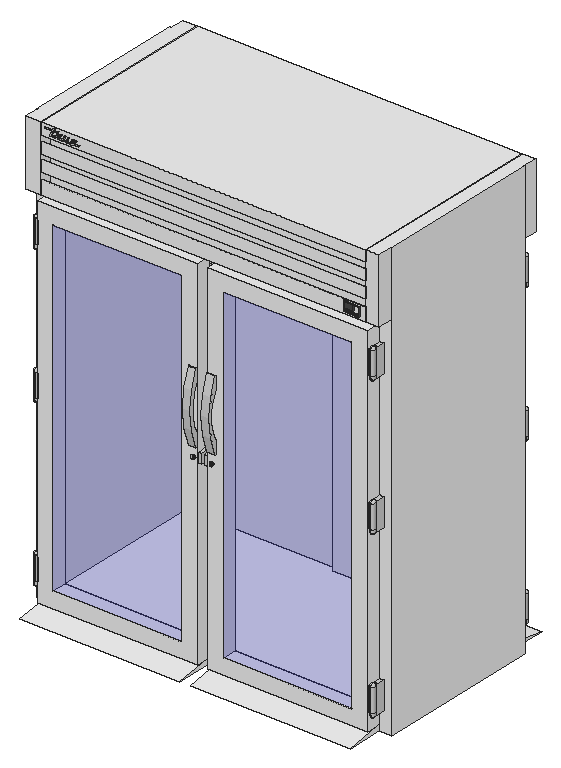
Revit family
Parameters
  Weight in Pounds = 0
  Watts = Volts * FL Amps  # 1092.5 W
  Volts = 115 V
  URL Cutsheet = "www.truemfg.com"
  URL = "www.truemfg.com"
  Type Mark [instance] = ""
  Type Comments = ""
  Status [instance] = ""
  Specification by User [instance] = ""
  Specification by Manufacturer = ""
  Show Logo [instance] = yes
  Show Clearance [instance] = yes
  Serial Number = ""
  Seismic Rating = ""
  SMACNA No = ""
  Revision Code [instance] = ""
  Phase = 1
  Omniclass Number and Title = ""
  Number of Poles [instance] = 1
  NAFEM Spec ID Number = ""
  Model = "STG2RRT-2G-2S"
  Min Ckt Ampacity = 0 A
  Max Overcurrent Protection = 0 A
  Masterspec = ""
  Manufacturer = "TRUE FOOD SERVICE EQUIPMENT, INC."
  Length = 68"
  Item Number [instance] = ""
  Installed By [instance] = ""
  Identify Quantity as Lot [instance] = yes
  Height = 83 3/4"
  HP = "1/2"
  Furnished By [instance] = ""
  Foodservice Equipment Identifier [instance] = yes
  FL Amps = 9.5 A
  Electrical Remarks [instance] = ""
  Electric Connection Type [instance] = ""
  Elec Conn RI Height [instance] = 0"
  Elec Conn Connection Height [instance] = 0"
  Description = "Roll-thru Glass Front/Solid Rear Swing Door Refrigerator"
  Depth = 37 1/2"
  Cycle = 60 Hz
  Conn Plug = "5-15P"
  Conn Conduit = yes
  CSI MasterFormat = ""
  CSI Master Format = ""
  Apparent Power = if(Phase = 3, Volts * FL Amps * 1.73, Volts * FL Amps)  # 1092.5 VA
Reference planes (in)
  plane 1 "BACK": y = 0
  plane 2: z = 0
  plane 3 "LEFT": x = 0
  plane 4 "RIGHT": x = 68
  plane 5 "FRONT": y = -37.5
  plane 6 "TOP": z = 83.75
  plane 7: x = 2.84375
  plane 8: y = -37.4542
  plane 9: x = 34
  plane 10: y = -0.0458
  plane 11: z = 69.90625
Forms (in)
  Extrusion 1, solid, material "QF_Finishes_Chrome - Satin"
    sketch origin (0.05, 0, 0) x (1, 0, 0) y (0, 1, 0)
      loop
        line (-0.05, -2.75) -> (-0.05, -34.75) -> (2.87859, -34.75) -> (2.87859, -2.75) -> (-0.05, -2.75)
    from 0 to 83.75
  Extrusion 2, solid, material "QF_Finishes_Chrome - Satin"
    sketch origin (50.15, 0, 0) x (1, 0, 0) y (0, 1, 0)
      loop
        line (15.15, -2.75) -> (15.15, -34.75) -> (17.85, -34.75) -> (17.85, -2.75) -> (15.15, -2.75)
    from 0 to 83.75
  Extrusion 3, solid, material "QF_Finishes_Chrome - Satin"
    sketch origin (0, 0, 0) x (0, 1, 0) y (0, 0, 1)
      loop
        line (-37.4542, 71.28125) -> (-34.75, 71.28125) -> (-34.75, 68.90625) -> (-2.75, 68.90625) -> (-2.75, 71.28125) -> (-0.0458, 71.28125) -> (-0.0458, 73.94226) -> (-2.25, 72.375) -> (-2.25, 73.65057) -> (-0.0458, 75.21784) -> (-0.0458, 77.31404) -> (-2.25, 75.74678) -> (-2.25, 76.70754) -> (-0.0458, 78.2748) -> (-0.0458, 80.40851) -> (-2.25, 78.84125) -> (-2.25, 79.96352) -> (-0.0458, 81.53078) -> (-0.0458, 83.75) -> (-37.4542, 83.75) -> (-37.4542, 81.53078) -> (-35.25, 79.96352) -> (-35.25, 78.84125) -> (-37.4542, 80.40851) -> (-37.4542, 78.2748) -> (-35.25, 76.70754) -> (-35.25, 75.74678) -> (-37.4542, 77.31404) -> (-37.4542, 75.21784) -> (-35.25, 73.65057) -> (-35.25, 72.375) -> (-37.4542, 73.94226) -> (-37.4542, 71.28125)
      loop
        line (-34.75, 0) -> (-2.75, 0) -> (-2.75, 2) -> (-34.75, 2) -> (-34.75, 0)
    from 2.92859 to 65.3
  Extrusion 4, solid, material "QF_Finishes_Chrome - Satin"
    sketch origin (0, 0, 0) x (1, 0, 0) y (0, 1, 0)
      loop
        line (67.84782, -34.75) -> (65.3, -34.75) -> (65.3, -37.5) -> (67.84782, -37.5) -> (67.84782, -34.75)
      loop
        line (67.84782, -2.75) -> (67.84782, 0) -> (65.3, 0) -> (65.3, -2.75) -> (67.84782, -2.75)
    from 71.28125 to 83.75
  Extrusion 5, solid, material "QF_Finishes_Chrome - Satin"
    sketch origin (-50.125, 0, 0.25) x (1, 0, 0) y (0, 1, 0)
      loop
        line (53.05359, -34.75) -> (50.24109, -34.75) -> (50.24109, -37.5) -> (53.05359, -37.5) -> (53.05359, -34.75)
      loop
        line (53.05359, -2.75) -> (53.05359, 0) -> (50.24109, 0) -> (50.24109, -2.75) -> (53.05359, -2.75)
    from 71.03125 to 83.5
  Extrusion 6, solid, material "QF_Finishes_Handrails and Railings"
    sketch origin (9.34375, -3.83467, -3.5) x (1, 0, 0) y (0, 0, 1)
      loop
        circle (26.4375, 40.0625) r 0.35
      loop
        line (26.47265, 40.33635) -> (26.41715, 40.33635) -> (26.41715, 39.76895) -> (26.47265, 39.76895) -> (26.47265, 40.33635)
    from 33.5 to 33.83066
  Extrusion 7, solid, material "QF_Finishes_Handrails and Railings", visible <- "Show Logo"
    sketch origin (0.33478, -2.68623, 5.13015) x (1, 0, 0) y (0, 0, 1)
      loop
        line (3.46044, 78.08731) -> (3.35478, 77.86073) -> (4.76027, 77.86073)
        arc (4.76027, 77.86073) -> (4.78879, 77.81028) -> (4.76027, 77.75984) r 0.05887
        line (4.76027, 77.75984) -> (4.39369, 76.97372)
        arc (4.39369, 76.97372) -> (4.39051, 76.90091) -> (4.43975, 76.84717) r 0.09523
        line (4.43975, 76.84717) -> (5.33844, 76.84717)
        arc (5.33844, 76.84717) -> (5.45192, 76.88295) -> (5.52436, 76.97735) r 0.19785
        line (5.52436, 76.97735) -> (5.81285, 77.59601) -> (6.0779, 77.59601)
        arc (6.0779, 77.59601) -> (6.14744, 77.57043) -> (6.13737, 77.49703) r 0.05911
        line (6.13737, 77.49703) -> (5.89598, 76.97937)
        arc (5.89598, 76.97937) -> (5.89974, 76.8934) -> (5.97231, 76.84717) r 0.09318
        line (5.97231, 76.84717) -> (6.76198, 76.84717)
        arc (6.76198, 76.84717) -> (6.82249, 76.86919) -> (6.85468, 76.92495) r 0.09412
        arc (6.85468, 76.92495) -> (6.87746, 76.86995) -> (6.93246, 76.84717) r 0.07778
        line (6.93246, 76.84717) -> (7.43246, 76.84717)
        arc (7.43246, 76.84717) -> (7.49022, 76.86265) -> (7.53251, 76.90493) r 0.11552
        arc (7.53251, 76.90493) -> (7.55275, 76.85606) -> (7.60162, 76.83581) r 0.06912
        line (7.60162, 76.83581) -> (8.31225, 76.83581)
        arc (8.31225, 76.83581) -> (8.37034, 76.85988) -> (8.39441, 76.91797) r 0.08216
        arc (8.39441, 76.91797) -> (8.44767, 76.86472) -> (8.52042, 76.84522) r 0.14551
        line (8.52042, 76.84522) -> (9.85158, 76.84522) -> (9.99946, 77.10134) -> (8.65678, 77.10134)
        arc (8.65678, 77.10134) -> (8.61972, 77.12704) -> (8.61834, 77.17211) r 0.05009
        line (8.61834, 77.17211) -> (8.64157, 77.22192)
        arc (8.64157, 77.22192) -> (8.67723, 77.26864) -> (8.73327, 77.28635) r 0.09747
        line (8.73327, 77.28635) -> (9.16485, 77.28635)
        arc (9.16485, 77.28635) -> (9.258, 77.31131) -> (9.32619, 77.3795) r 0.1863
        line (9.32619, 77.3795) -> (9.45119, 77.59601)
        arc (9.45119, 77.59601) -> (9.45119, 77.71157) -> (9.35111, 77.76934) r 0.11556
        line (9.35111, 77.76934) -> (8.89562, 77.76934)
        arc (8.89562, 77.76934) -> (8.7795, 77.74962) -> (8.69849, 77.66412) r 0.18605
        line (8.69849, 77.66412) -> (8.48204, 77.19993)
        arc (8.48204, 77.19993) -> (8.41815, 77.11667) -> (8.31806, 77.08511) r 0.1745
        line (8.31806, 77.08511) -> (7.84559, 77.08511)
        arc (7.84559, 77.08511) -> (7.78903, 77.14684) -> (7.79268, 77.23048) r 0.10939
        line (7.79268, 77.23048) -> (8.04395, 77.76934) -> (7.88403, 77.76934) -> (7.61781, 77.19844)
        arc (7.61781, 77.19844) -> (7.56609, 77.13103) -> (7.48505, 77.10548) r 0.14128
        line (7.48505, 77.10548) -> (7.15925, 77.10548)
        arc (7.15925, 77.10548) -> (7.10419, 77.17723) -> (7.116, 77.26689) r 0.11816
        line (7.116, 77.26689) -> (7.3503, 77.76934) -> (7.18514, 77.76934) -> (6.91546, 77.191)
        arc (6.91546, 77.191) -> (6.85285, 77.12839) -> (6.76733, 77.10548) r 0.17104
        line (6.76733, 77.10548) -> (6.29555, 77.10548)
        arc (6.29555, 77.10548) -> (6.21082, 77.14499) -> (6.20267, 77.23813) r 0.0935
        line (6.20267, 77.23813) -> (6.35774, 77.57069) -> (6.57695, 77.57069)
        arc (6.57695, 77.57069) -> (6.61395, 77.68217) -> (6.69267, 77.76934) r 0.2857
        line (6.69267, 77.76934) -> (5.83605, 77.76934)
        arc (5.83605, 77.76934) -> (5.74086, 77.74824) -> (5.67498, 77.67635) r 0.16212
        line (5.67498, 77.67635) -> (5.44279, 77.17841)
        arc (5.44279, 77.17841) -> (5.3894, 77.12502) -> (5.31647, 77.10548) r 0.14586
        line (5.31647, 77.10548) -> (4.80506, 77.10548)
        arc (4.80506, 77.10548) -> (4.76514, 77.15942) -> (4.77274, 77.22609) r 0.09155
        line (4.77274, 77.22609) -> (5.11018, 77.86073) -> (5.96155, 77.86073) -> (6.06721, 78.08731) -> (5.21584, 78.08731) -> (5.32149, 78.31388) -> (5.01862, 78.31388) -> (4.91297, 78.08731) -> (3.46044, 78.08731)
      loop
        arc (8.83805, 77.56363) -> (8.80119, 77.55375) -> (8.7742, 77.52676) r 0.07373
        line (8.7742, 77.52676) -> (8.75229, 77.45936)
        arc (8.75229, 77.45936) -> (8.76245, 77.43483) -> (8.78699, 77.42466) r 0.0347
        line (8.78699, 77.42466) -> (9.15948, 77.42466)
        arc (9.15948, 77.42466) -> (9.18632, 77.43061) -> (9.20812, 77.44734) r 0.0635
        line (9.20812, 77.44734) -> (9.22624, 77.53122)
        arc (9.22624, 77.53122) -> (9.22091, 77.55368) -> (9.20009, 77.56363) r 0.02676
        line (9.20009, 77.56363) -> (8.83805, 77.56363)
    from 34.76797 to 34.83173
  Extrusion 8, solid, material "QF_Finishes_White"
    sketch origin (-22.74812, -2.7042, -7.90007) x (1, 0, 0) y (0, 0, 1)
      loop
        line (83.81732, 81.35727) -> (83.81732, 79.60996) -> (86.72357, 79.60996) -> (86.72357, 81.35727) -> (83.81732, 81.35727)
    from 34.75 to 34.76797
  Extrusion 9, solid, material "QF_Finishes_Black"
    sketch origin (-22.74812, -2.7042, -7.90007) x (1, 0, 0) y (0, 0, 1)
      loop
        line (86.78607, 81.41977) -> (83.75482, 81.41977) -> (83.75482, 79.54746) -> (86.78607, 79.54746) -> (86.78607, 81.41977)
      loop
        spline (83.95482, 79.87872) -> (83.96333, 79.86254) -> (83.98831, 79.84747) -> (84.02804, 79.83452) -> (84.07982, 79.82459) -> (84.14011, 79.81835) -> (84.20482, 79.81622) -> (84.26952, 79.81835) -> (84.32982, 79.82459) -> (84.38159, 79.83452) -> (84.42132, 79.84747) -> (84.4463, 79.86254) -> (84.45482, 79.87872)
        spline (84.45482, 79.87872) -> (84.4463, 79.89489) -> (84.42132, 79.90997) -> (84.38159, 79.92291) -> (84.32982, 79.93284) -> (84.26952, 79.93909) -> (84.20482, 79.94122) -> (84.14011, 79.93909) -> (84.07982, 79.93284) -> (84.02804, 79.92291) -> (83.98831, 79.90997) -> (83.96333, 79.89489) -> (83.95482, 79.87872)
      loop
        spline (84.65083, 79.87872) -> (84.65935, 79.86254) -> (84.68432, 79.84747) -> (84.72405, 79.83452) -> (84.77583, 79.82459) -> (84.83612, 79.81835) -> (84.90083, 79.81622) -> (84.96553, 79.81835) -> (85.02583, 79.82459) -> (85.07761, 79.83452) -> (85.11734, 79.84747) -> (85.14231, 79.86254) -> (85.15083, 79.87872)
        spline (85.15083, 79.87872) -> (85.14231, 79.89489) -> (85.11734, 79.90997) -> (85.07761, 79.92291) -> (85.02583, 79.93284) -> (84.96553, 79.93909) -> (84.90083, 79.94122) -> (84.83612, 79.93909) -> (84.77583, 79.93284) -> (84.72405, 79.92291) -> (84.68432, 79.90997) -> (84.65935, 79.89489) -> (84.65083, 79.87872)
      loop
        spline (85.40083, 79.87872) -> (85.40935, 79.86254) -> (85.43432, 79.84747) -> (85.47405, 79.83452) -> (85.52583, 79.82459) -> (85.58612, 79.81835) -> (85.65083, 79.81622) -> (85.71553, 79.81835) -> (85.77583, 79.82459) -> (85.82761, 79.83452) -> (85.86734, 79.84747) -> (85.89231, 79.86254) -> (85.90083, 79.87872)
        spline (85.90083, 79.87872) -> (85.89231, 79.89489) -> (85.86734, 79.90997) -> (85.82761, 79.92291) -> (85.77583, 79.93284) -> (85.71553, 79.93909) -> (85.65083, 79.94122) -> (85.58612, 79.93909) -> (85.52583, 79.93284) -> (85.47405, 79.92291) -> (85.43432, 79.90997) -> (85.40935, 79.89489) -> (85.40083, 79.87872)
      loop
        line (83.95481, 81.21978) -> (83.95481, 80.21978) -> (85.65433, 80.21978) -> (85.65433, 81.21978) -> (83.95481, 81.21978)
      loop
        line (86.72357, 81.35727) -> (83.81732, 81.35727) -> (83.81732, 79.60996) -> (86.72357, 79.60996) -> (86.72357, 81.35727)
      loop
        spline (86.15083, 79.87872) -> (86.15935, 79.86254) -> (86.18432, 79.84747) -> (86.22405, 79.83452) -> (86.27583, 79.82459) -> (86.33612, 79.81835) -> (86.40083, 79.81622) -> (86.46553, 79.81835) -> (86.52583, 79.82459) -> (86.57761, 79.83452) -> (86.61734, 79.84747) -> (86.64231, 79.86254) -> (86.65083, 79.87872)
        spline (86.65083, 79.87872) -> (86.64231, 79.89489) -> (86.61734, 79.90997) -> (86.57761, 79.92291) -> (86.52583, 79.93284) -> (86.46553, 79.93909) -> (86.40083, 79.94122) -> (86.33612, 79.93909) -> (86.27583, 79.93284) -> (86.22405, 79.92291) -> (86.18432, 79.90997) -> (86.15935, 79.89489) -> (86.15083, 79.87872)
    from 34.76797 to 34.80335
  Extrusion 10, solid
    sketch origin (-25.125, 0, 0) x (1, 0, 0) y (0, 0, 1)
      loop
        circle (89.875, 81.625) r 0.25
    from 0 to 0.0625
  Blend 11, solid, material "QF_Finishes_Handrails and Railings"
    base sketch origin (60.25, -3.75, -1.5) x (-1, 0, 0) y (0, 0, -1)
      loop
        line (25.25, -38.99169) -> (26, -38.99169) -> (26, -37.24169) -> (25.25, -37.24169) -> (25.25, -38.99169)
    top sketch origin (60.25, 0, -1.5) x (-1, 0, 0) y (0, 0, -1)
      loop
        line (26.18223, -36.6441) -> (25.25, -36.6441) -> (25.25, -39.42643) -> (26.18223, -39.42643) -> (26.18223, -36.6441)
    from 33.57883 to 34.75
  Extrusion 12, solid, material "QF_Finishes_Handrails and Railings"
    sketch origin (66.78125, 0, 2.75) x (0, 1, 0) y (0, 0, -1)
      loop
        line (-34.75, -64.17729) -> (-34.75, -58.86127) -> (-37, -58.86127) -> (-37, -59.57348) -> (-36.56497, -59.57348) -> (-36.56497, -63.97276)
        arc (-36.56497, -63.97276) -> (-36.50506, -64.11738) -> (-36.36044, -64.17729) r 0.20453
        line (-36.36044, -64.17729) -> (-34.75, -64.17729)
    from 0.17506 to 1
  Revolve 13, solid, material "QF_Finishes_Handrails and Railings"
    sketch origin (66.28125, 0, 2.75) x (0, 1, 0) y (0, 0, -1)
      loop
        line (-37.01563, -59.62689) -> (-37.42229, -59.62689) -> (-37.42229, -64.0986)
        arc (-37.42229, -64.0986) -> (-37.28722, -64.35057) -> (-37.01563, -64.43983) r 0.3848
        line (-37.01563, -64.43983) -> (-37.01563, -59.62689)
      loop
        line (-37.01563, -59.57348) -> (-37.01563, -58.67281)
        arc (-37.01563, -58.67281) -> (-37.28264, -58.75883) -> (-37.42229, -59.00212) r 0.38884
        line (-37.42229, -59.00212) -> (-37.42229, -59.57348) -> (-37.01563, -59.57348)
      axis (-37.01563, -58.67281) -> (-37.01563, -64.43983)
    angle from 0 to 360
  Extrusion 14, solid, material "QF_Finishes_Handrails and Railings"
    sketch origin (27.5, -3.82734, 2.7511) x (-1, 0, 0) y (0, 0, -1)
      loop
        line (-38.58509, -64.0986) -> (-38.1875, -64.0986) -> (-38.1875, -59.62579) -> (-38.58509, -59.62579) -> (-38.58509, -64.0986)
    from 32.81497 to 33.59495
  Extrusion 15, solid, material "QF_Finishes_Handrails and Railings"
    sketch origin (66.78125, 0, -24) x (0, 1, 0) y (0, 0, -1)
      loop
        line (-34.75, -64.55229) -> (-34.75, -59.23627) -> (-37, -59.23627) -> (-37, -59.94848) -> (-36.56497, -59.94848) -> (-36.56497, -64.34776)
        arc (-36.56497, -64.34776) -> (-36.50506, -64.49238) -> (-36.36044, -64.55229) r 0.20453
        line (-36.36044, -64.55229) -> (-34.75, -64.55229)
    from 0.17506 to 1
  Revolve 16, solid, material "QF_Finishes_Handrails and Railings"
    sketch origin (66.28125, 0, -24) x (0, 1, 0) y (0, 0, -1)
      loop
        line (-37.01563, -60.00189) -> (-37.42229, -60.00189) -> (-37.42229, -64.4736)
        arc (-37.42229, -64.4736) -> (-37.28722, -64.72557) -> (-37.01563, -64.81483) r 0.3848
        line (-37.01563, -64.81483) -> (-37.01563, -60.00189)
      loop
        line (-37.01563, -59.94848) -> (-37.01563, -59.04781)
        arc (-37.01563, -59.04781) -> (-37.28264, -59.13383) -> (-37.42229, -59.37712) r 0.38884
        line (-37.42229, -59.37712) -> (-37.42229, -59.94848) -> (-37.01563, -59.94848)
      axis (-37.01563, -59.04781) -> (-37.01563, -64.81483)
    angle from 0 to 360
  Extrusion 17, solid, material "QF_Finishes_Handrails and Railings"
    sketch origin (27.5, -3.82734, -23.9989) x (-1, 0, 0) y (0, 0, -1)
      loop
        line (-38.58509, -64.4736) -> (-38.1875, -64.4736) -> (-38.1875, -60.00079) -> (-38.58509, -60.00079) -> (-38.58509, -64.4736)
    from 32.81497 to 33.59495
  Extrusion 18, solid, material "QF_Finishes_Handrails and Railings"
    sketch origin (66.78125, 0, -55.5) x (0, 1, 0) y (0, 0, -1)
      loop
        line (-34.75, -64.55229) -> (-34.75, -59.23627) -> (-37, -59.23627) -> (-37, -59.94848) -> (-36.56497, -59.94848) -> (-36.56497, -64.34776)
        arc (-36.56497, -64.34776) -> (-36.50506, -64.49238) -> (-36.36044, -64.55229) r 0.20453
        line (-36.36044, -64.55229) -> (-34.75, -64.55229)
    from 0.17506 to 1
  Revolve 19, solid, material "QF_Finishes_Handrails and Railings"
    sketch origin (66.28125, 0, -55.5) x (0, 1, 0) y (0, 0, -1)
      loop
        line (-37.01563, -60.00189) -> (-37.42229, -60.00189) -> (-37.42229, -64.4736)
        arc (-37.42229, -64.4736) -> (-37.28722, -64.72557) -> (-37.01563, -64.81483) r 0.3848
        line (-37.01563, -64.81483) -> (-37.01563, -60.00189)
      loop
        line (-37.01563, -59.94848) -> (-37.01563, -59.04781)
        arc (-37.01563, -59.04781) -> (-37.28264, -59.13383) -> (-37.42229, -59.37712) r 0.38884
        line (-37.42229, -59.37712) -> (-37.42229, -59.94848) -> (-37.01563, -59.94848)
      axis (-37.01563, -59.04781) -> (-37.01563, -64.81483)
    angle from 0 to 360
  Extrusion 20, solid, material "QF_Finishes_Handrails and Railings"
    sketch origin (27.5, -3.82734, -55.4989) x (-1, 0, 0) y (0, 0, -1)
      loop
        line (-38.58509, -64.4736) -> (-38.1875, -64.4736) -> (-38.1875, -60.00079) -> (-38.58509, -60.00079) -> (-38.58509, -64.4736)
    from 32.81497 to 33.59495
  Extrusion 21, solid, material "QF_Finishes_Chrome - Satin"
    sketch origin (65.6875, -3.75, 8.03125) x (0, 0, 1) y (0, -1, 0)
      loop
        line (-8.03125, 37.875) -> (-8.03125, 31) -> (-7.03125, 31) -> (-8.03125, 37.875)
    from 0 to -30.6875
  Extrusion 22, solid, material "QF_Finishes_Chrome - Satin"
    sketch origin (59.96875, -3.75, -0.71875) x (-1, 0, 0) y (0, 0, -1)
      loop
        line (26.96875, -1.71875) -> (26.96875, -70.625) -> (57.65625, -70.625) -> (57.65625, -1.71875) -> (26.96875, -1.71875)
      loop
        line (29.96875, -67.625) -> (54.65625, -67.625) -> (54.65625, -4.71875) -> (29.96875, -4.71875) -> (29.96875, -67.625)
      loop
        line (24.96875, -1.71875) -> (-5.71875, -1.71875) -> (-5.71875, -70.625) -> (24.96875, -70.625) -> (24.96875, -1.71875)
      loop
        line (21.96875, -67.625) -> (21.96875, -4.71875) -> (-2.71875, -4.71875) -> (-2.71875, -67.625) -> (21.96875, -67.625)
    from 31 to 33.75
  Extrusion 23, solid, material "QF_Finishes_Handrails and Railings"
    sketch origin (43.83156, -0.25, 92.27893) x (0, 1, 0) y (0, 0, -1)
      loop
        line (-37.25, 53.875) -> (-37.45, 53.875)
        arc (-37.45, 53.875) -> (-38.89405, 47.075) -> (-37.45, 40.275) r 16.7325
        line (-37.45, 40.275) -> (-37.25, 40.275) -> (-37.25, 42.675)
        arc (-37.25, 42.675) -> (-38.40816, 47.075) -> (-37.25, 51.475) r 8.93715
        line (-37.25, 51.475) -> (-37.25, 53.875)
    from 10.87731 to 12.37731
  Extrusion 24, solid, material "QF_Finishes_Handrails and Railings"
    sketch origin (58.65625, -3.83467, -3.5) x (-1, 0, 0) y (0, 0, -1)
      loop
        circle (26.4375, -40.0625) r 0.35
      loop
        line (26.47265, -40.33635) -> (26.47265, -39.76895) -> (26.41715, -39.76895) -> (26.41715, -40.33635) -> (26.47265, -40.33635)
    from 33.5 to 33.83066
  Blend 25, solid, material "QF_Finishes_Handrails and Railings"
    base sketch origin (7.75, -3.75, -1.5) x (1, 0, 0) y (0, 0, 1)
      loop
        line (25.25, 38.99169) -> (25.25, 37.24169) -> (26, 37.24169) -> (26, 38.99169) -> (25.25, 38.99169)
    top sketch origin (7.75, 0, -1.5) x (1, 0, 0) y (0, 0, 1)
      loop
        line (26.18223, 36.6441) -> (26.18223, 39.42643) -> (25.25, 39.42643) -> (25.25, 36.6441) -> (26.18223, 36.6441)
    from 33.57883 to 34.75
  Extrusion 26, solid, material "QF_Finishes_Handrails and Railings"
    sketch origin (1.21875, 0, 2.75) x (0, 1, 0) y (0, 0, 1)
      loop
        line (-34.75, 64.17729) -> (-36.36044, 64.17729)
        arc (-36.36044, 64.17729) -> (-36.50506, 64.11738) -> (-36.56497, 63.97276) r 0.20453
        line (-36.56497, 63.97276) -> (-36.56497, 59.57348) -> (-37, 59.57348) -> (-37, 58.86127) -> (-34.75, 58.86127) -> (-34.75, 64.17729)
    from 0.17506 to 1
  Revolve 27, solid, material "QF_Finishes_Handrails and Railings"
    sketch origin (1.71875, 0, 2.75) x (0, 1, 0) y (0, 0, 1)
      loop
        line (-37.01563, 59.62689) -> (-37.01563, 64.43983)
        arc (-37.01563, 64.43983) -> (-37.28722, 64.35057) -> (-37.42229, 64.0986) r 0.3848
        line (-37.42229, 64.0986) -> (-37.42229, 59.62689) -> (-37.01563, 59.62689)
      loop
        line (-37.01563, 59.57348) -> (-37.42229, 59.57348) -> (-37.42229, 59.00212)
        arc (-37.42229, 59.00212) -> (-37.28264, 58.75883) -> (-37.01563, 58.67281) r 0.38884
        line (-37.01563, 58.67281) -> (-37.01563, 59.57348)
      axis (-37.01563, 58.67281) -> (-37.01563, 64.43983)
    angle from 0 to 360
  Extrusion 28, solid, material "QF_Finishes_Handrails and Railings"
    sketch origin (40.5, -3.82734, 2.7511) x (1, 0, 0) y (0, 0, 1)
      loop
        line (-38.58509, 64.0986) -> (-38.58509, 59.62579) -> (-38.1875, 59.62579) -> (-38.1875, 64.0986) -> (-38.58509, 64.0986)
    from 32.81497 to 33.59495
  Extrusion 29, solid, material "QF_Finishes_Handrails and Railings"
    sketch origin (1.21875, 0, -24) x (0, 1, 0) y (0, 0, 1)
      loop
        line (-34.75, 64.55229) -> (-36.36044, 64.55229)
        arc (-36.36044, 64.55229) -> (-36.50506, 64.49238) -> (-36.56497, 64.34776) r 0.20453
        line (-36.56497, 64.34776) -> (-36.56497, 59.94848) -> (-37, 59.94848) -> (-37, 59.23627) -> (-34.75, 59.23627) -> (-34.75, 64.55229)
    from 0.17506 to 1
  Revolve 30, solid, material "QF_Finishes_Handrails and Railings"
    sketch origin (1.71875, 0, -24) x (0, 1, 0) y (0, 0, 1)
      loop
        line (-37.01563, 60.00189) -> (-37.01563, 64.81483)
        arc (-37.01563, 64.81483) -> (-37.28722, 64.72557) -> (-37.42229, 64.4736) r 0.3848
        line (-37.42229, 64.4736) -> (-37.42229, 60.00189) -> (-37.01563, 60.00189)
      loop
        line (-37.01563, 59.94848) -> (-37.42229, 59.94848) -> (-37.42229, 59.37712)
        arc (-37.42229, 59.37712) -> (-37.28264, 59.13383) -> (-37.01563, 59.04781) r 0.38884
        line (-37.01563, 59.04781) -> (-37.01563, 59.94848)
      axis (-37.01563, 59.04781) -> (-37.01563, 64.81483)
    angle from 0 to 360
  Extrusion 31, solid, material "QF_Finishes_Handrails and Railings"
    sketch origin (40.5, -3.82734, -23.9989) x (1, 0, 0) y (0, 0, 1)
      loop
        line (-38.58509, 64.4736) -> (-38.58509, 60.00079) -> (-38.1875, 60.00079) -> (-38.1875, 64.4736) -> (-38.58509, 64.4736)
    from 32.81497 to 33.59495
  Extrusion 32, solid, material "QF_Finishes_Handrails and Railings"
    sketch origin (1.21875, 0, -55.5) x (0, 1, 0) y (0, 0, 1)
      loop
        line (-34.75, 64.55229) -> (-36.36044, 64.55229)
        arc (-36.36044, 64.55229) -> (-36.50506, 64.49238) -> (-36.56497, 64.34776) r 0.20453
        line (-36.56497, 64.34776) -> (-36.56497, 59.94848) -> (-37, 59.94848) -> (-37, 59.23627) -> (-34.75, 59.23627) -> (-34.75, 64.55229)
    from 0.17506 to 1
  Revolve 33, solid, material "QF_Finishes_Handrails and Railings"
    sketch origin (1.71875, 0, -55.5) x (0, 1, 0) y (0, 0, 1)
      loop
        line (-37.01563, 60.00189) -> (-37.01563, 64.81483)
        arc (-37.01563, 64.81483) -> (-37.28722, 64.72557) -> (-37.42229, 64.4736) r 0.3848
        line (-37.42229, 64.4736) -> (-37.42229, 60.00189) -> (-37.01563, 60.00189)
      loop
        line (-37.01563, 59.94848) -> (-37.42229, 59.94848) -> (-37.42229, 59.37712)
        arc (-37.42229, 59.37712) -> (-37.28264, 59.13383) -> (-37.01563, 59.04781) r 0.38884
        line (-37.01563, 59.04781) -> (-37.01563, 59.94848)
      axis (-37.01563, 59.04781) -> (-37.01563, 64.81483)
    angle from 0 to 360
  Extrusion 34, solid, material "QF_Finishes_Handrails and Railings"
    sketch origin (40.5, -3.82734, -55.4989) x (1, 0, 0) y (0, 0, 1)
      loop
        line (-38.58509, 64.4736) -> (-38.58509, 60.00079) -> (-38.1875, 60.00079) -> (-38.1875, 64.4736) -> (-38.58509, 64.4736)
    from 32.81497 to 33.59495
  Extrusion 35, solid, material "QF_Finishes_Chrome - Satin"
    sketch origin (2.3125, -3.75, 8.03125) x (0, 0, 1) y (0, 1, 0)
      loop
        line (-8.03125, -37.875) -> (-7.03125, -31) -> (-8.03125, -31) -> (-8.03125, -37.875)
    from 0 to -30.6875
  Extrusion 36, solid, material "QF_Finishes_Door Clearance", visible <- "Show Clearance", detail levels coarse
    sketch origin (32.71875, -3.75, 1) x (0, 1, 0) y (1, 0, 0)
      loop
        line (-33.75, -30.40625) -> (-33.75, 0.28125)
        arc (-33.75, 0.28125) -> (-55.44934, -8.70691) -> (-64.4375, -30.40625) r 30.6875
        line (-64.4375, -30.40625) -> (-33.75, -30.40625)
      loop
        line (-33.75, 32.96875) -> (-64.4375, 32.96875)
        arc (-64.4375, 32.96875) -> (-55.44934, 11.26941) -> (-33.75, 2.28125) r 30.6875
        line (-33.75, 2.28125) -> (-33.75, 32.96875)
    from 0 to -68.90625
  Extrusion 37, solid, material "QF_Finishes_Chrome - Satin"
    sketch origin (8.03125, -33.75, -0.71875) x (1, 0, 0) y (0, 0, -1)
      loop
        line (26.96875, -1.71875) -> (26.96875, -70.625) -> (57.65625, -70.625) -> (57.65625, -1.71875) -> (26.96875, -1.71875)
    from 31 to 33.75
  Extrusion 38, solid, material "QF_Finishes_Handrails and Railings"
    sketch origin (91.34375, -37.25, 24.93519) x (-1, 0, 0) y (0, -1, 0)
      loop
        line (53.875, -37.25) -> (51.475, -37.25)
        arc (51.475, -37.25) -> (47.075, -38.40816) -> (42.675, -37.25) r 8.93715
        line (42.675, -37.25) -> (40.275, -37.25) -> (40.275, -37.45)
        arc (40.275, -37.45) -> (47.075, -38.89405) -> (53.875, -37.45) r 16.7325
        line (53.875, -37.45) -> (53.875, -37.25)
    from 10.87731 to 12.37731
  Extrusion 39, solid, material "QF_Finishes_Handrails and Railings"
    sketch origin (9.34375, -33.66533, -3.5) x (1, 0, 0) y (0, 0, -1)
      loop
        circle (26.4375, -40.0625) r 0.35
      loop
        line (26.47265, -40.33635) -> (26.47265, -39.76895) -> (26.41715, -39.76895) -> (26.41715, -40.33635) -> (26.47265, -40.33635)
    from 33.5 to 33.83066
  Blend 40, solid, material "QF_Finishes_Handrails and Railings"
    base sketch origin (60.25, -33.75, -1.5) x (-1, 0, 0) y (0, 0, 1)
      loop
        line (25.25, 38.99169) -> (25.25, 37.24169) -> (26, 37.24169) -> (26, 38.99169) -> (25.25, 38.99169)
    top sketch origin (60.25, -37.5, -1.5) x (-1, 0, 0) y (0, 0, 1)
      loop
        line (26.18223, 36.6441) -> (26.18223, 39.42643) -> (25.25, 39.42643) -> (25.25, 36.6441) -> (26.18223, 36.6441)
    from 33.57883 to 34.75
  Extrusion 41, solid, material "QF_Finishes_Handrails and Railings"
    sketch origin (66.78125, -37.5, 2.75) x (0, -1, 0) y (0, 0, 1)
      loop
        line (-34.75, 64.17729) -> (-36.36044, 64.17729)
        arc (-36.36044, 64.17729) -> (-36.50506, 64.11738) -> (-36.56497, 63.97276) r 0.20453
        line (-36.56497, 63.97276) -> (-36.56497, 59.57348) -> (-37, 59.57348) -> (-37, 58.86127) -> (-34.75, 58.86127) -> (-34.75, 64.17729)
    from 0.17506 to 1
  Revolve 42, solid, material "QF_Finishes_Handrails and Railings"
    sketch origin (66.28125, -37.5, 2.75) x (0, -1, 0) y (0, 0, 1)
      loop
        line (-37.01563, 59.62689) -> (-37.01563, 64.43983)
        arc (-37.01563, 64.43983) -> (-37.28722, 64.35057) -> (-37.42229, 64.0986) r 0.3848
        line (-37.42229, 64.0986) -> (-37.42229, 59.62689) -> (-37.01563, 59.62689)
      loop
        line (-37.01563, 59.57348) -> (-37.42229, 59.57348) -> (-37.42229, 59.00212)
        arc (-37.42229, 59.00212) -> (-37.28264, 58.75883) -> (-37.01563, 58.67281) r 0.38884
        line (-37.01563, 58.67281) -> (-37.01563, 59.57348)
      axis (-37.01563, 58.67281) -> (-37.01563, 64.43983)
    angle from 0 to 360
  Extrusion 43, solid, material "QF_Finishes_Handrails and Railings"
    sketch origin (27.5, -33.67266, 2.7511) x (-1, 0, 0) y (0, 0, 1)
      loop
        line (-38.58509, 64.0986) -> (-38.58509, 59.62579) -> (-38.1875, 59.62579) -> (-38.1875, 64.0986) -> (-38.58509, 64.0986)
    from 32.81497 to 33.59495
  Extrusion 44, solid, material "QF_Finishes_Handrails and Railings"
    sketch origin (66.78125, -37.5, -24) x (0, -1, 0) y (0, 0, 1)
      loop
        line (-34.75, 64.55229) -> (-36.36044, 64.55229)
        arc (-36.36044, 64.55229) -> (-36.50506, 64.49238) -> (-36.56497, 64.34776) r 0.20453
        line (-36.56497, 64.34776) -> (-36.56497, 59.94848) -> (-37, 59.94848) -> (-37, 59.23627) -> (-34.75, 59.23627) -> (-34.75, 64.55229)
    from 0.17506 to 1
  Revolve 45, solid, material "QF_Finishes_Handrails and Railings"
    sketch origin (66.28125, -37.5, -24) x (0, -1, 0) y (0, 0, 1)
      loop
        line (-37.01563, 60.00189) -> (-37.01563, 64.81483)
        arc (-37.01563, 64.81483) -> (-37.28722, 64.72557) -> (-37.42229, 64.4736) r 0.3848
        line (-37.42229, 64.4736) -> (-37.42229, 60.00189) -> (-37.01563, 60.00189)
      loop
        line (-37.01563, 59.94848) -> (-37.42229, 59.94848) -> (-37.42229, 59.37712)
        arc (-37.42229, 59.37712) -> (-37.28264, 59.13383) -> (-37.01563, 59.04781) r 0.38884
        line (-37.01563, 59.04781) -> (-37.01563, 59.94848)
      axis (-37.01563, 59.04781) -> (-37.01563, 64.81483)
    angle from 0 to 360
  Extrusion 46, solid, material "QF_Finishes_Handrails and Railings"
    sketch origin (27.5, -33.67266, -23.9989) x (-1, 0, 0) y (0, 0, 1)
      loop
        line (-38.58509, 64.4736) -> (-38.58509, 60.00079) -> (-38.1875, 60.00079) -> (-38.1875, 64.4736) -> (-38.58509, 64.4736)
    from 32.81497 to 33.59495
  Extrusion 47, solid, material "QF_Finishes_Handrails and Railings"
    sketch origin (66.78125, -37.5, -55.5) x (0, -1, 0) y (0, 0, 1)
      loop
        line (-34.75, 64.55229) -> (-36.36044, 64.55229)
        arc (-36.36044, 64.55229) -> (-36.50506, 64.49238) -> (-36.56497, 64.34776) r 0.20453
        line (-36.56497, 64.34776) -> (-36.56497, 59.94848) -> (-37, 59.94848) -> (-37, 59.23627) -> (-34.75, 59.23627) -> (-34.75, 64.55229)
    from 0.17506 to 1
  Revolve 48, solid, material "QF_Finishes_Handrails and Railings"
    sketch origin (66.28125, -37.5, -55.5) x (0, -1, 0) y (0, 0, 1)
      loop
        line (-37.01563, 60.00189) -> (-37.01563, 64.81483)
        arc (-37.01563, 64.81483) -> (-37.28722, 64.72557) -> (-37.42229, 64.4736) r 0.3848
        line (-37.42229, 64.4736) -> (-37.42229, 60.00189) -> (-37.01563, 60.00189)
      loop
        line (-37.01563, 59.94848) -> (-37.42229, 59.94848) -> (-37.42229, 59.37712)
        arc (-37.42229, 59.37712) -> (-37.28264, 59.13383) -> (-37.01563, 59.04781) r 0.38884
        line (-37.01563, 59.04781) -> (-37.01563, 59.94848)
      axis (-37.01563, 59.04781) -> (-37.01563, 64.81483)
    angle from 0 to 360
  Extrusion 49, solid, material "QF_Finishes_Handrails and Railings"
    sketch origin (27.5, -33.67266, -55.4989) x (-1, 0, 0) y (0, 0, 1)
      loop
        line (-38.58509, 64.4736) -> (-38.58509, 60.00079) -> (-38.1875, 60.00079) -> (-38.1875, 64.4736) -> (-38.58509, 64.4736)
    from 32.81497 to 33.59495
  Extrusion 50, solid, material "QF_Finishes_Chrome - Satin"
    sketch origin (65.6875, -33.75, 8.03125) x (0, 0, 1) y (0, -1, 0)
      loop
        line (-8.03125, -37.875) -> (-7.03125, -31) -> (-8.03125, -31) -> (-8.03125, -37.875)
    from 0 to -30.6875
  Extrusion 51, solid, material "QF_Finishes_Chrome - Satin"
    sketch origin (59.96875, -33.75, -0.71875) x (-1, 0, 0) y (0, 0, 1)
      loop
        line (26.96875, 1.71875) -> (57.65625, 1.71875) -> (57.65625, 70.625) -> (26.96875, 70.625) -> (26.96875, 1.71875)
    from 31 to 33.75
  Extrusion 52, solid, material "QF_Finishes_Handrails and Railings"
    sketch origin (-23.34375, -37.25, 24.93519) x (-1, 0, 0) y (0, -1, 0)
      loop
        line (-53.875, -37.25) -> (-53.875, -37.45)
        arc (-53.875, -37.45) -> (-47.075, -38.89405) -> (-40.275, -37.45) r 16.7325
        line (-40.275, -37.45) -> (-40.275, -37.25) -> (-42.675, -37.25)
        arc (-42.675, -37.25) -> (-47.075, -38.40816) -> (-51.475, -37.25) r 8.93715
        line (-51.475, -37.25) -> (-53.875, -37.25)
    from 10.87731 to 12.37731
  Extrusion 53, solid, material "QF_Finishes_Handrails and Railings"
    sketch origin (58.65625, -33.66533, -3.5) x (-1, 0, 0) y (0, 0, 1)
      loop
        circle (26.4375, 40.0625) r 0.35
      loop
        line (26.47265, 40.33635) -> (26.41715, 40.33635) -> (26.41715, 39.76895) -> (26.47265, 39.76895) -> (26.47265, 40.33635)
    from 33.5 to 33.83066
  Blend 54, solid, material "QF_Finishes_Handrails and Railings"
    base sketch origin (7.75, -33.75, -1.5) x (1, 0, 0) y (0, 0, -1)
      loop
        line (25.25, -38.99169) -> (26, -38.99169) -> (26, -37.24169) -> (25.25, -37.24169) -> (25.25, -38.99169)
    top sketch origin (7.75, -37.5, -1.5) x (1, 0, 0) y (0, 0, -1)
      loop
        line (26.18223, -36.6441) -> (25.25, -36.6441) -> (25.25, -39.42643) -> (26.18223, -39.42643) -> (26.18223, -36.6441)
    from 33.57883 to 34.75
  Extrusion 55, solid, material "QF_Finishes_Handrails and Railings"
    sketch origin (1.21875, -37.5, 2.75) x (0, -1, 0) y (0, 0, -1)
      loop
        line (-34.75, -64.17729) -> (-34.75, -58.86127) -> (-37, -58.86127) -> (-37, -59.57348) -> (-36.56497, -59.57348) -> (-36.56497, -63.97276)
        arc (-36.56497, -63.97276) -> (-36.50506, -64.11738) -> (-36.36044, -64.17729) r 0.20453
        line (-36.36044, -64.17729) -> (-34.75, -64.17729)
    from 0.17506 to 1
  Revolve 56, solid, material "QF_Finishes_Handrails and Railings"
    sketch origin (1.71875, -37.5, 2.75) x (0, -1, 0) y (0, 0, -1)
      loop
        line (-37.01563, -59.62689) -> (-37.42229, -59.62689) -> (-37.42229, -64.0986)
        arc (-37.42229, -64.0986) -> (-37.28722, -64.35057) -> (-37.01563, -64.43983) r 0.3848
        line (-37.01563, -64.43983) -> (-37.01563, -59.62689)
      loop
        line (-37.01563, -59.57348) -> (-37.01563, -58.67281)
        arc (-37.01563, -58.67281) -> (-37.28264, -58.75883) -> (-37.42229, -59.00212) r 0.38884
        line (-37.42229, -59.00212) -> (-37.42229, -59.57348) -> (-37.01563, -59.57348)
      axis (-37.01563, -58.67281) -> (-37.01563, -64.43983)
    angle from 0 to 360
  Extrusion 57, solid, material "QF_Finishes_Handrails and Railings"
    sketch origin (40.5, -33.67266, 2.7511) x (1, 0, 0) y (0, 0, -1)
      loop
        line (-38.58509, -64.0986) -> (-38.1875, -64.0986) -> (-38.1875, -59.62579) -> (-38.58509, -59.62579) -> (-38.58509, -64.0986)
    from 32.81497 to 33.59495
  Extrusion 58, solid, material "QF_Finishes_Handrails and Railings"
    sketch origin (1.21875, -37.5, -24) x (0, -1, 0) y (0, 0, -1)
      loop
        line (-34.75, -64.55229) -> (-34.75, -59.23627) -> (-37, -59.23627) -> (-37, -59.94848) -> (-36.56497, -59.94848) -> (-36.56497, -64.34776)
        arc (-36.56497, -64.34776) -> (-36.50506, -64.49238) -> (-36.36044, -64.55229) r 0.20453
        line (-36.36044, -64.55229) -> (-34.75, -64.55229)
    from 0.17506 to 1
  Revolve 59, solid, material "QF_Finishes_Handrails and Railings"
    sketch origin (1.71875, -37.5, -24) x (0, -1, 0) y (0, 0, -1)
      loop
        line (-37.01563, -60.00189) -> (-37.42229, -60.00189) -> (-37.42229, -64.4736)
        arc (-37.42229, -64.4736) -> (-37.28722, -64.72557) -> (-37.01563, -64.81483) r 0.3848
        line (-37.01563, -64.81483) -> (-37.01563, -60.00189)
      loop
        line (-37.01563, -59.94848) -> (-37.01563, -59.04781)
        arc (-37.01563, -59.04781) -> (-37.28264, -59.13383) -> (-37.42229, -59.37712) r 0.38884
        line (-37.42229, -59.37712) -> (-37.42229, -59.94848) -> (-37.01563, -59.94848)
      axis (-37.01563, -59.04781) -> (-37.01563, -64.81483)
    angle from 0 to 360
  Extrusion 60, solid, material "QF_Finishes_Handrails and Railings"
    sketch origin (40.5, -33.67266, -23.9989) x (1, 0, 0) y (0, 0, -1)
      loop
        line (-38.58509, -64.4736) -> (-38.1875, -64.4736) -> (-38.1875, -60.00079) -> (-38.58509, -60.00079) -> (-38.58509, -64.4736)
    from 32.81497 to 33.59495
  Extrusion 61, solid, material "QF_Finishes_Handrails and Railings"
    sketch origin (1.21875, -37.5, -55.5) x (0, -1, 0) y (0, 0, -1)
      loop
        line (-34.75, -64.55229) -> (-34.75, -59.23627) -> (-37, -59.23627) -> (-37, -59.94848) -> (-36.56497, -59.94848) -> (-36.56497, -64.34776)
        arc (-36.56497, -64.34776) -> (-36.50506, -64.49238) -> (-36.36044, -64.55229) r 0.20453
        line (-36.36044, -64.55229) -> (-34.75, -64.55229)
    from 0.17506 to 1
  Revolve 62, solid, material "QF_Finishes_Handrails and Railings"
    sketch origin (1.71875, -37.5, -55.5) x (0, -1, 0) y (0, 0, -1)
      loop
        line (-37.01563, -60.00189) -> (-37.42229, -60.00189) -> (-37.42229, -64.4736)
        arc (-37.42229, -64.4736) -> (-37.28722, -64.72557) -> (-37.01563, -64.81483) r 0.3848
        line (-37.01563, -64.81483) -> (-37.01563, -60.00189)
      loop
        line (-37.01563, -59.94848) -> (-37.01563, -59.04781)
        arc (-37.01563, -59.04781) -> (-37.28264, -59.13383) -> (-37.42229, -59.37712) r 0.38884
        line (-37.42229, -59.37712) -> (-37.42229, -59.94848) -> (-37.01563, -59.94848)
      axis (-37.01563, -59.04781) -> (-37.01563, -64.81483)
    angle from 0 to 360
  Extrusion 63, solid, material "QF_Finishes_Handrails and Railings"
    sketch origin (40.5, -33.67266, -55.4989) x (1, 0, 0) y (0, 0, -1)
      loop
        line (-38.58509, -64.4736) -> (-38.1875, -64.4736) -> (-38.1875, -60.00079) -> (-38.58509, -60.00079) -> (-38.58509, -64.4736)
    from 32.81497 to 33.59495
  Extrusion 64, solid, material "QF_Finishes_Chrome - Satin"
    sketch origin (2.3125, -33.75, 8.03125) x (0, 0, 1) y (0, 1, 0)
      loop
        line (-8.03125, 37.875) -> (-8.03125, 31) -> (-7.03125, 31) -> (-8.03125, 37.875)
    from 0 to -30.6875
  Extrusion 65, solid, material "QF_Finishes_Door Clearance", visible <- "Show Clearance", detail levels coarse
    sketch origin (32.71875, -33.75, 1) x (0, 1, 0) y (1, 0, 0)
      loop
        line (33.75, -30.40625) -> (64.4375, -30.40625)
        arc (64.4375, -30.40625) -> (55.44934, -8.70691) -> (33.75, 0.28125) r 30.6875
        line (33.75, 0.28125) -> (33.75, -30.40625)
      loop
        line (33.75, 32.96875) -> (33.75, 2.28125)
        arc (33.75, 2.28125) -> (55.44934, 11.26941) -> (64.4375, 32.96875) r 30.6875
        line (64.4375, 32.96875) -> (33.75, 32.96875)
    from 0 to -68.90625
  Extrusion 66, solid, material "Glass"
    sketch origin (59.96875, -3.75, -0.71875) x (-1, 0, 0) y (0, 0, -1)
      loop
        line (29.96875, -67.625) -> (54.65625, -67.625) -> (54.65625, -4.71875) -> (29.96875, -4.71875) -> (29.96875, -67.625)
      loop
        line (21.96875, -67.625) -> (21.96875, -4.71875) -> (-2.71875, -4.71875) -> (-2.71875, -67.625) -> (21.96875, -67.625)
    from 31 to 33.75
  Extrusion 67, solid, material "QF_Finishes_Handrails and Railings"
    sketch origin (24.16844, -0.25, 92.27893) x (0, 1, 0) y (0, 0, 1)
      loop
        line (-37.25, -53.875) -> (-37.25, -51.475)
        arc (-37.25, -51.475) -> (-38.40816, -47.075) -> (-37.25, -42.675) r 8.93715
        line (-37.25, -42.675) -> (-37.25, -40.275) -> (-37.45, -40.275)
        arc (-37.45, -40.275) -> (-38.89405, -47.075) -> (-37.45, -53.875) r 16.7325
        line (-37.45, -53.875) -> (-37.25, -53.875)
    from 10.87731 to 12.37731
  Extrusion 68, solid, material "QF_Finishes_Chrome - Satin"
    sketch origin (0, -37.5, 2) x (0, 1, 0) y (-1, 0, 0)
      loop
        line (3.75, -32) -> (2.75, -32) -> (2.75, -36) -> (3.75, -36) -> (3.75, -32)
      loop
        line (33.75, -32) -> (33.75, -36) -> (34.75, -36) -> (34.75, -32) -> (33.75, -32)
    from 0 to 66.90625
Cuts and joins
  joined: Extrusion 1, Extrusion 2, Extrusion 4, Extrusion 5
Lines and regions (in)
  symbolic lines
    curve 1: line (0, 0, 0) -> (68, 0, 0)
    curve 2: line (0, -37.5, 0) -> (0, 0, 0)
    curve 3: line (68, -37.5, 0) -> (0, -37.5, 0)
    curve 4: line (68, 0, 0) -> (68, -37.5, 0)
    curve 5: line (68, -35.25, 0) -> (0, -35.25, 0)
    curve 10: arc (28.13125, 0, 0) -> (23.73125, 1.15816, 0) -> (19.33125, 0, 0) r 8.93715
    curve 11: arc (16.93125, 0.2, 0) -> (23.73125, 1.64405, 0) -> (30.53125, 0.2, 0) r 16.7325
    curve 12: line (16.93125, 0, 0) -> (16.93125, 0.2, 0)
    curve 13: line (30.53125, 0.2, 0) -> (30.53125, 0, 0)
    curve 14: arc (48.66875, 0, 0) -> (44.26875, 1.15816, 0) -> (39.86875, 0, 0) r 8.93715
    curve 15: arc (37.46875, 0.2, 0) -> (44.26875, 1.64405, 0) -> (51.06875, 0.2, 0) r 16.7325
    curve 16: line (37.46875, 0, 0) -> (37.46875, 0.2, 0)
    curve 17: line (51.06875, 0.2, 0) -> (51.06875, 0, 0)
    curve 22: line (68, -2.25, 0) -> (0, -2.25, 0)
    curve 23: line (31.45425, -39.14405, 0) -> (31.45425, -37.5, 0)
    curve 24: line (32.95425, -37.5, 0) -> (32.95425, -39.14405, 0)
    curve 25: line (31.45425, -39.14405, 0) -> (32.95425, -39.14405, 0)
    curve 26: line (36.54575, -39.14405, 0) -> (36.54575, -37.5, 0)
    curve 27: line (35.04575, -37.5, 0) -> (35.04575, -39.14405, 0)
    curve 28: line (36.54575, -39.14405, 0) -> (35.04575, -39.14405, 0)
  symbolic lines, style "QF_Door Swings", visible <- "Show Clearance", detail levels coarse
    curve 6: line (2.3125, -37.5, 0) -> (2.3125, -68.1875, 0)
    curve 7: arc (33, -37.5, 0) -> (24.01184, -59.19934, 0) -> (2.3125, -68.1875, 0) r 30.6875
    curve 8: arc (65.6875, -68.1875, 0) -> (43.98816, -59.19934, 0) -> (35, -37.5, 0) r 30.6875
    curve 9: line (65.6875, -68.1875, 0) -> (65.6875, -37.5, 0)
    curve 18: line (2.3125, 0, 0) -> (2.3125, 30.6875, 0)
    curve 19: arc (33, 0, 0) -> (24.01184, 21.69934, 0) -> (2.3125, 30.6875, 0) r 30.6875
    curve 20: arc (65.6875, 30.6875, 0) -> (43.98816, 21.69934, 0) -> (35, 0, 0) r 30.6875
    curve 21: line (65.6875, 30.6875, 0) -> (65.6875, 0, 0)
Dimensions and locks (in)
  "Depth": plane 5 "FRONT" to plane 1 "BACK"
  plane 6 "TOP" to level = 83 3/4"  (x2)
  "Length": plane 3 "LEFT" to plane 4 "RIGHT"
  plane 4 "RIGHT" to plane 3 "LEFT" = 68"
  equal spacing: plane 3 "LEFT", plane 9, plane 4 "RIGHT"
  Extrusion 37 sketch curve to Extrusion 37 sketch curve = 30 11/16"
  Extrusion 51 sketch curve to Extrusion 51 sketch curve = 30 11/16"
  plane 11 to level = 69 29/32"
  aligned and locked: level to plane 2
Automatic sketch dimensions
  Extrusion 1 sketch curve to plane 3 "LEFT" = 0"
  plane 7 to Extrusion 1 sketch curve = 0.08484"
  Extrusion 1 sketch curve to plane 5 "FRONT" = 2 3/4"
  plane 1 "BACK" to Extrusion 1 sketch curve = 2 3/4"
  Extrusion 2 sketch curve to plane 4 "RIGHT" = 0"
  Extrusion 2 sketch curve to plane 4 "RIGHT" = 2.7"
  Extrusion 2 sketch curve to plane 5 "FRONT" = 2 3/4"
  plane 1 "BACK" to Extrusion 2 sketch curve = 2 3/4"
  Extrusion 3 sketch curve to plane 8 = 0"  (x4)
  Extrusion 3 sketch curve to level = 0"
  Extrusion 3 sketch curve to plane 10 = 0"  (x4)
  Extrusion 3 sketch curve to plane 6 "TOP" = 0"
  plane 8 to Extrusion 3 sketch curve = 2.2042"
  Extrusion 3 sketch curve to Extrusion 3 sketch curve = 0"  (x3)
  plane 8 to Extrusion 3 sketch curve = 2.7042"
  Extrusion 3 sketch curve to Extrusion 3 sketch curve = 2.7042"
  plane 10 to Extrusion 3 sketch curve = 2.2042"
  Extrusion 3 sketch curve to Extrusion 3 sketch curve = 1/2"
  Extrusion 3 sketch curve to plane 6 "TOP" = 12 15/32"  (x2)
  Extrusion 3 sketch curve to Extrusion 3 sketch curve = 1 3/32"  (x2)
  Extrusion 3 sketch curve to Extrusion 3 sketch curve = 1.27557"  (x4)
  Extrusion 3 sketch curve to Extrusion 3 sketch curve = 0.29169"  (x2)
  Extrusion 3 sketch curve to Extrusion 3 sketch curve = 2.0962"  (x4)
  Extrusion 3 sketch curve to Extrusion 3 sketch curve = 0.96076"  (x4)
  Extrusion 3 sketch curve to Extrusion 3 sketch curve = 2.13371"  (x4)
  Extrusion 3 sketch curve to Extrusion 3 sketch curve = 1.12227"  (x4)
  plane 1 "BACK" to Extrusion 4 sketch curve = 0"
  plane 5 "FRONT" to Extrusion 4 sketch curve = 0"
  Extrusion 4 sketch curve to plane 4 "RIGHT" = 2.7"  (x2)
  Extrusion 4 sketch curve to plane 4 "RIGHT" = 0.15218"  (x2)
  Extrusion 4 sketch curve to plane 5 "FRONT" = 2 3/4"
  Extrusion 4 sketch curve to Extrusion 4 sketch curve = 2 3/4"
  plane 1 "BACK" to Extrusion 5 sketch curve = 0"
  plane 5 "FRONT" to Extrusion 5 sketch curve = 0"
  plane 3 "LEFT" to Extrusion 5 sketch curve = 0.11609"  (x2)
  plane 7 to Extrusion 5 sketch curve = 0.08484"  (x2)
  Extrusion 5 sketch curve to plane 5 "FRONT" = 2 3/4"
  Extrusion 5 sketch curve to Extrusion 5 sketch curve = 2 3/4"
  Extrusion 6 sketch curve to plane 9 = 1.7609"
  Extrusion 6 sketch curve to Extrusion 6 sketch curve = 0.02035"
  Extrusion 6 sketch curve to Extrusion 6 sketch curve = 0.0555"
  level to Extrusion 6 sketch curve = 36.26895"
  Extrusion 6 sketch curve to Extrusion 6 sketch curve = 0.29355"
  Extrusion 6 sketch curve to Extrusion 6 sketch curve = 0.27385"
  plane 7 to Extrusion 7 sketch curve = 0.84582"
  Extrusion 7 sketch curve to Extrusion 7 sketch curve = 0.10565"  (x5)
  Extrusion 7 sketch curve to Extrusion 7 sketch curve = 1.03891"
  Extrusion 7 sketch curve to Extrusion 7 sketch curve = 0.04606"
  Extrusion 7 sketch curve to Extrusion 7 sketch curve = 0.08631"
  Extrusion 7 sketch curve to Extrusion 7 sketch curve = 0.33624"
  Extrusion 7 sketch curve to Extrusion 7 sketch curve = 0.03034"  (x2)
  Extrusion 7 sketch curve to Extrusion 7 sketch curve = 0.29274"
  Extrusion 7 sketch curve to Extrusion 7 sketch curve = 0.03232"
  Extrusion 7 sketch curve to Extrusion 7 sketch curve = 0.04851"
  Extrusion 7 sketch curve to plane 6 "TOP" = 0.53254"
  Extrusion 7 sketch curve to Extrusion 7 sketch curve = 0.1527"
  Extrusion 7 sketch curve to plane 6 "TOP" = 0.30596"
  Extrusion 7 sketch curve to Extrusion 7 sketch curve = 0.19721"
  Extrusion 7 sketch curve to Extrusion 7 sketch curve = 0.4629"
  Extrusion 7 sketch curve to Extrusion 7 sketch curve = 0.02197"
  Extrusion 7 sketch curve to Extrusion 7 sketch curve = 0.12632"
  Extrusion 7 sketch curve to Extrusion 7 sketch curve = 0.18591"
  Extrusion 7 sketch curve to plane 6 "TOP" = 0.94349"
  Extrusion 7 sketch curve to Extrusion 7 sketch curve = 0.2322"
  Extrusion 7 sketch curve to Extrusion 7 sketch curve = 0.13786"
  Extrusion 7 sketch curve to Extrusion 7 sketch curve = 0.00907"
  Extrusion 7 sketch curve to Extrusion 7 sketch curve = 0.01413"
  Extrusion 7 sketch curve to Extrusion 7 sketch curve = 0.37162"
  Extrusion 7 sketch curve to plane 6 "TOP" = 0.75912"
  Extrusion 7 sketch curve to Extrusion 7 sketch curve = 0.12551"
  Extrusion 7 sketch curve to Extrusion 7 sketch curve = 0.07633"
  Extrusion 7 sketch curve to Extrusion 7 sketch curve = 0.08445"
  Extrusion 7 sketch curve to Extrusion 7 sketch curve = 0.25598"
  Extrusion 7 sketch curve to Extrusion 7 sketch curve = 0.01887"
  Extrusion 7 sketch curve to Extrusion 7 sketch curve = 0.04061"
  Extrusion 7 sketch curve to plane 6 "TOP" = 1.38171"
  Extrusion 7 sketch curve to Extrusion 7 sketch curve = 0.0653"
  Extrusion 7 sketch curve to Extrusion 7 sketch curve = 0.08474"
  Extrusion 7 sketch curve to Extrusion 7 sketch curve = 0.00815"
  Extrusion 7 sketch curve to Extrusion 7 sketch curve = 0.22037"
  Extrusion 7 sketch curve to Extrusion 7 sketch curve = 0.21921"
  Extrusion 7 sketch curve to Extrusion 7 sketch curve = 0.11572"
  Extrusion 7 sketch curve to Extrusion 7 sketch curve = 0.46643"
  Extrusion 7 sketch curve to Extrusion 7 sketch curve = 0.00535"
  Extrusion 7 sketch curve to Extrusion 7 sketch curve = 0.09269"
  Extrusion 7 sketch curve to Extrusion 7 sketch curve = 0.09348"
  Extrusion 7 sketch curve to Extrusion 7 sketch curve = 0.14812"
  Extrusion 7 sketch curve to Extrusion 7 sketch curve = 0.07778"
  Extrusion 7 sketch curve to Extrusion 7 sketch curve = 0.20054"
  Extrusion 7 sketch curve to Extrusion 7 sketch curve = 0.04325"
  Extrusion 7 sketch curve to plane 6 "TOP" = 0.8505"  (x2)
  Extrusion 7 sketch curve to Extrusion 7 sketch curve = 0.32433"
  Extrusion 7 sketch curve to Extrusion 7 sketch curve = 0.10233"  (x2)
  Extrusion 7 sketch curve to Extrusion 7 sketch curve = 0.16515"
  Extrusion 7 sketch curve to Extrusion 7 sketch curve = 0.27321"
  Extrusion 7 sketch curve to Extrusion 7 sketch curve = 0.0526"
  Extrusion 7 sketch curve to Extrusion 7 sketch curve = 0.10005"
  Extrusion 7 sketch curve to Extrusion 7 sketch curve = 0.06912"
  Extrusion 7 sketch curve to Extrusion 7 sketch curve = 0.13276"
  Extrusion 7 sketch curve to plane 6 "TOP" = 1.38936"
  Extrusion 7 sketch curve to Extrusion 7 sketch curve = 0.17486"
  Extrusion 7 sketch curve to Extrusion 7 sketch curve = 0.05291"
  Extrusion 7 sketch curve to Extrusion 7 sketch curve = 0.53374"
  Extrusion 7 sketch curve to Extrusion 7 sketch curve = 0.09914"
  Extrusion 7 sketch curve to Extrusion 7 sketch curve = 0.15992"
  Extrusion 7 sketch curve to Extrusion 7 sketch curve = 0.46666"
  Extrusion 7 sketch curve to Extrusion 7 sketch curve = 0.00582"
  Extrusion 7 sketch curve to Extrusion 7 sketch curve = 0.08216"
  Extrusion 7 sketch curve to Extrusion 7 sketch curve = 0.16397"
  Extrusion 7 sketch curve to Extrusion 7 sketch curve = 0.12601"
  Extrusion 7 sketch curve to plane 6 "TOP" = 1.44773"
  Extrusion 7 sketch curve to Extrusion 7 sketch curve = 0.1363"
  Extrusion 7 sketch curve to plane 6 "TOP" = 1.39792"
  Extrusion 7 sketch curve to Extrusion 7 sketch curve = 0.02323"
  Extrusion 7 sketch curve to Extrusion 7 sketch curve = 0.03844"
  Extrusion 7 sketch curve to Extrusion 7 sketch curve = 0.0454"
  Extrusion 7 sketch curve to Extrusion 7 sketch curve = 0.05693"
  Extrusion 7 sketch curve to Extrusion 7 sketch curve = 0.0917"
  Extrusion 7 sketch curve to Extrusion 7 sketch curve = 0.01902"
  Extrusion 7 sketch curve to Extrusion 7 sketch curve = 0.02191"
  Extrusion 7 sketch curve to Extrusion 7 sketch curve = 0.0347"
  Extrusion 7 sketch curve to Extrusion 7 sketch curve = 0.06385"
  Extrusion 7 sketch curve to Extrusion 7 sketch curve = 0.02906"
  Extrusion 7 sketch curve to Extrusion 7 sketch curve = 0.02851"
  Extrusion 7 sketch curve to Extrusion 7 sketch curve = 0.29237"
  Extrusion 7 sketch curve to Extrusion 7 sketch curve = 0.00537"
  Extrusion 7 sketch curve to Extrusion 7 sketch curve = 0.0406"
  Extrusion 7 sketch curve to plane 6 "TOP" = 1.1725"
  Extrusion 7 sketch curve to Extrusion 7 sketch curve = 0.04327"
  Extrusion 7 sketch curve to Extrusion 7 sketch curve = 0.02615"
  Extrusion 7 sketch curve to plane 6 "TOP" = 1.24034"
  Extrusion 7 sketch curve to Extrusion 7 sketch curve = 0.11806"
  Extrusion 7 sketch curve to Extrusion 7 sketch curve = 0.15103"
  Extrusion 7 sketch curve to Extrusion 7 sketch curve = 0.10007"
  Extrusion 7 sketch curve to Extrusion 7 sketch curve = 0.5254"
  Extrusion 7 sketch curve to plane 6 "TOP" = 1.5185"
  Extrusion 7 sketch curve to Extrusion 7 sketch curve = 0.14787"
  Extrusion 7 sketch curve to Extrusion 7 sketch curve = 0.14537"
  Extrusion 7 sketch curve to Extrusion 7 sketch curve = 0.63134"
  Extrusion 7 sketch curve to Extrusion 7 sketch curve = 0.11061"
  Extrusion 7 sketch curve to Extrusion 7 sketch curve = 0.25876"
  Extrusion 7 sketch curve to Extrusion 7 sketch curve = 0.06767"
  Extrusion 7 sketch curve to Extrusion 7 sketch curve = 0.12655"
  Extrusion 7 sketch curve to Extrusion 7 sketch curve = 0.12242"
  Extrusion 7 sketch curve to Extrusion 7 sketch curve = 0.29684"
  Extrusion 7 sketch curve to Extrusion 7 sketch curve = 0.03938"
  Extrusion 7 sketch curve to Extrusion 7 sketch curve = 0.06046"
  Extrusion 7 sketch curve to Extrusion 7 sketch curve = 0.13266"
  Extrusion 7 sketch curve to Extrusion 7 sketch curve = 0.14279"
  Extrusion 7 sketch curve to Extrusion 7 sketch curve = 0.07293"
  Extrusion 7 sketch curve to Extrusion 7 sketch curve = 0.07764"
  Extrusion 7 sketch curve to Extrusion 7 sketch curve = 0.03794"
  Extrusion 7 sketch curve to Extrusion 7 sketch curve = 0.08552"
  Extrusion 7 sketch curve to Extrusion 7 sketch curve = 0.09296"
  Extrusion 7 sketch curve to Extrusion 7 sketch curve = 0.02781"
  Extrusion 7 sketch curve to Extrusion 7 sketch curve = 0.04799"
  Extrusion 7 sketch curve to Extrusion 7 sketch curve = 0.03054"
  Extrusion 7 sketch curve to Extrusion 7 sketch curve = 0.2589"
  Extrusion 7 sketch curve to Extrusion 7 sketch curve = 0.0674"
  Extrusion 7 sketch curve to Extrusion 7 sketch curve = 0.0324"
  Extrusion 7 sketch curve to Extrusion 7 sketch curve = 0.26185"
  Extrusion 7 sketch curve to Extrusion 7 sketch curve = 11/256"
  Extrusion 7 sketch curve to Extrusion 7 sketch curve = 0.07366"
  Extrusion 7 sketch curve to Extrusion 7 sketch curve = 0.02187"
  Extrusion 7 sketch curve to Extrusion 7 sketch curve = 0.06479"
  Extrusion 7 sketch curve to Extrusion 7 sketch curve = 0.05778"
  Extrusion 7 sketch curve to Extrusion 7 sketch curve = 0.32747"
  Extrusion 7 sketch curve to Extrusion 7 sketch curve = 0.05045"
  Extrusion 7 sketch curve to Extrusion 7 sketch curve = 29/128"
  Extrusion 8 sketch curve to plane 4 "RIGHT" = 6.9308"
  Extrusion 8 sketch curve to Extrusion 8 sketch curve = 2 29/32"
  Extrusion 8 sketch curve to plane 6 "TOP" = 12.04011"
  Extrusion 8 sketch curve to Extrusion 8 sketch curve = 1.74732"
  Extrusion 9 sketch curve to plane 4 "RIGHT" = 6.9933"
  Extrusion 9 sketch curve to Extrusion 9 sketch curve = 1/16"  (x4)
  Extrusion 9 sketch curve to Extrusion 9 sketch curve = 0.1375"  (x3)
  Extrusion 9 sketch curve to Extrusion 9 sketch curve = 1/4"  (x4)
  Extrusion 9 sketch curve to Extrusion 9 sketch curve = 0.44601"
  Extrusion 9 sketch curve to Extrusion 9 sketch curve = 1/2"  (x2)
  Extrusion 9 sketch curve to Extrusion 9 sketch curve = 0.0035"
  Extrusion 9 sketch curve to Extrusion 9 sketch curve = 1.06923"
  Extrusion 9 sketch curve to plane 6 "TOP" = 12.10261"
  Extrusion 9 sketch curve to Extrusion 9 sketch curve = 0.26876"  (x2)
  Extrusion 9 sketch curve to Extrusion 9 sketch curve = 0"  (x2)
  Extrusion 9 sketch curve to Extrusion 9 sketch curve = 0.34106"
  Extrusion 9 sketch curve to Extrusion 9 sketch curve = 1"
  Extrusion 10 sketch curve to plane 4 "RIGHT" = 3 1/4"
  Extrusion 10 sketch curve to plane 6 "TOP" = 2 1/8"
  Blend 11 sketch curve to plane 9 = 1"
  Blend 11 sketch curve to plane 9 = 1/4"
  level to Blend 11 sketch curve = 37.49169"
  Blend 11 sketch curve to Blend 11 sketch curve = 1 3/4"
  plane 9 to Blend 11 sketch curve = 1"
  plane 9 to Blend 11 sketch curve = 0.06777"
  Blend 11 sketch curve to level = 35.1441"
  Blend 11 sketch curve to Blend 11 sketch curve = 2.78233"
